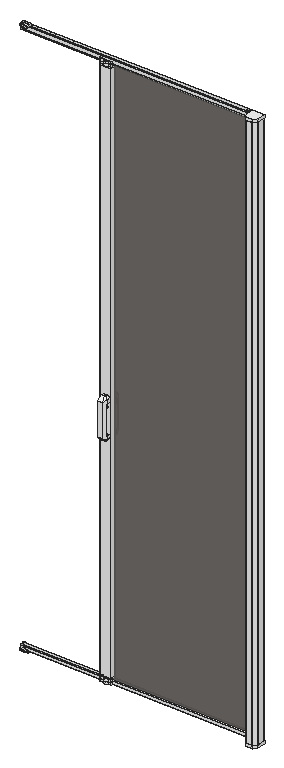
Revit family "Door_Screen-Sliding-Phantom_Screens-Single_Parting-Retractable_Door_Screens-1-3", category Specialty Equipment, Revit 2023 (continued)
Definition of nested family "Nested-Detail-Phantom_Screens-Retractable-Housing"
  Parameters (values of type "Housing")
    Manufacturer = "Phantom Mfg. (Int'l) Ltd."  # constant formula
    Description = "Housing"  # constant formula
  Reference planes (in)
    plane 1 "Center (Front/Back)": y = 0
    plane 2: z = 0
    plane 3 "Center (Left/Right)": x = 0
  Lines and regions (in)
    Masking region 1, in view "Ref. Level", detail levels medium+fine
      outline origin (0, 0.43304, 0) x (1, 0, 0) y (0, 1, 0)
        loop
          line (-0.92614, -0.03234) -> (-0.92614, -0.73511)
          arc (-0.92614, -0.73511) -> (-0.92049, -0.77182) -> (-0.90406, -0.80513) r 0.12207
          line (-0.90406, -0.80513) -> (-0.575, -1.27507)
          arc (-0.575, -1.27507) -> (-0.53137, -1.31333) -> (-0.47501, -1.32713) r 0.12207
          line (-0.47501, -1.32713) -> (0.37295, -1.32713)
          arc (0.37295, -1.32713) -> (0.42932, -1.31333) -> (0.47295, -1.27507) r 0.12207
          line (0.47295, -1.27507) -> (0.802, -0.80513)
          arc (0.802, -0.80513) -> (0.81843, -0.77182) -> (0.82408, -0.73511) r 0.12207
          line (0.82408, -0.73511) -> (0.82408, 0.28171)
          arc (0.82408, 0.28171) -> (0.70931, 0.40059) -> (0.58646, 0.29007) r 0.11896
          arc (0.58646, 0.29007) -> (0.59743, 0.26512) -> (0.6242, 0.26004) r 0.02925
          arc (0.6242, 0.26004) -> (0.6398, 0.26946) -> (0.6468, 0.28627) r 0.02925
          arc (0.6468, 0.28627) -> (0.74649, 0.32307) -> (0.70968, 0.22338) r 0.0585
          arc (0.70968, 0.22338) -> (0.69287, 0.21638) -> (0.68346, 0.20079) r 0.02925
          arc (0.68346, 0.20079) -> (0.68854, 0.17401) -> (0.71349, 0.16305) r 0.02925
          arc (0.71349, 0.16305) -> (0.7394, 0.1678) -> (0.76363, 0.17813) r 0.11896
          line (0.76363, 0.17813) -> (0.76363, -0.73517)
          arc (0.76363, -0.73517) -> (0.76078, -0.75364) -> (0.75252, -0.7704) r 0.06142
          line (0.75252, -0.7704) -> (0.42337, -1.24048)
          arc (0.42337, -1.24048) -> (0.40141, -1.25973) -> (0.37305, -1.26667) r 0.06142
          line (0.37305, -1.26667) -> (-0.37305, -1.26667)
          arc (-0.37305, -1.26667) -> (-0.35922, -1.22728) -> (-0.35985, -1.18554) r 0.11896
          arc (-0.35985, -1.18554) -> (-0.39413, -1.16238) -> (-0.41728, -1.19667) r 0.02925
          arc (-0.41728, -1.19667) -> (-0.50588, -1.25883) -> (-0.49571, -1.15286) r 0.0585
          arc (-0.49571, -1.15286) -> (-0.47823, -1.11383) -> (-0.51542, -1.09572) r 0.02925
          arc (-0.51542, -1.09572) -> (-0.55583, -1.11941) -> (-0.58396, -1.15688) r 0.11896
          line (-0.58396, -1.15688) -> (-0.85458, -0.7704)
          arc (-0.85458, -0.7704) -> (-0.86284, -0.75364) -> (-0.86568, -0.73517) r 0.06142
          line (-0.86568, -0.73517) -> (-0.86568, 0.05452)
          arc (-0.86568, 0.05452) -> (-1.03434, 0.10743) -> (-0.92614, -0.03234) r 0.09263
    Masking region 2, in view "Ref. Level", detail levels coarse
      outline origin (0, 0, 0) x (1, 0, 0) y (0, 1, 0)
        loop
          line (-1.05094, 0.83363) -> (-1.05094, -0.89408) -> (0.82408, -0.89408) -> (0.82408, 0.83363) -> (-1.05094, 0.83363)
  Dimensions and locks (in)
    Masking region 2 sketch curve to plane 1 "Center (Front/Back)" to Masking region 2 sketch curve = 0' - 0.89408" locked, 0' - 0.83363" locked
    Masking region 2 sketch curve to plane 3 "Center (Left/Right)" to Masking region 2 sketch curve = 0' - 1.05094" locked, 0' - 0.82408" locked
    Masking region 1 sketch curve to Masking region 1 sketch curve to Masking region 1 sketch curve to Masking region 1 sketch curve to Masking region 1 sketch curve to Masking region 1 sketch curve to Masking region 1 sketch curve to Masking region 1 sketch curve to Masking region 1 sketch curve to Masking region 1 sketch curve to Masking region 1 sketch curve to Masking region 1 sketch curve to plane 3 "Center (Left/Right)" to Masking region 1 sketch curve to Masking region 1 sketch curve to Masking region 1 sketch curve to Masking region 1 sketch curve to Masking region 1 sketch curve to Masking region 1 sketch curve to Masking region 1 sketch curve to Masking region 1 sketch curve to Masking region 1 sketch curve = 0' - 0.12481" locked, 0' - 0.02208" locked, 0' - 0.03838" locked, 0' - 0.01111" locked, 0' - 0.27061" locked, 0' - 0.00896" locked, 0' - 0.03987" locked, 0' - 0.0585" locked, 0' - 0.00162" locked, 0' - 0.10195" locked, 0' - 0.01374" locked, 0' - 0.35931" locked, 0' - 0.37295" locked, 0' - 0.0001" locked, 0' - 0.05031" locked, 0' - 0.04958" locked, 0' - 0.11344" locked, 0' - 0.09579" locked, 0' - 0.08145" locked, 0' - 0" locked, 0' - 0.06045" locked
    Masking region 1 sketch curve to Masking region 1 sketch curve to Masking region 1 sketch curve to Masking region 1 sketch curve to Masking region 1 sketch curve to Masking region 1 sketch curve to Masking region 1 sketch curve to Masking region 1 sketch curve to Masking region 1 sketch curve to Masking region 1 sketch curve to Masking region 1 sketch curve to Masking region 1 sketch curve to Masking region 1 sketch curve to Masking region 1 sketch curve to Masking region 1 sketch curve to Masking region 1 sketch curve to Masking region 1 sketch curve to plane 1 "Center (Front/Back)" to Masking region 1 sketch curve to Masking region 1 sketch curve to Masking region 1 sketch curve to Masking region 1 sketch curve to Masking region 1 sketch curve to Masking region 1 sketch curve = 0' - 0.05205" locked, 0' - 0" locked, 0' - 0.0084" locked, 0' - 0" locked, 0' - 0.02619" locked, 0' - 0.07863" locked, 0' - 0.00497" locked, 0' - 0.06276" locked, 0' - 0.28899" locked, 0' - 0" locked, 0' - 0.03473" locked, 0' - 0" locked, 0' - 0.03523" locked, 0' - 0" locked, 0' - 0.00006" locked, 0' - 0" locked, 0' - 0.30207" locked, 0' - 0.39493" locked, 0' - 0.20108" locked, 0' - 0.01516" locked, 0' - 0.08063" locked, 0' - 0.08145" locked, 0' - 0.06045" locked
Definition of nested family "Nested-Detail-Phantom_Screens-Slide_Bar"
  Parameters (values of type "Slide Bar")
    URL = "https://www.phantomscreens.com/"
    Type Comments = "For Use With Phantom Models Only"  # constant formula
    Manufacturer = "Phantom Mfg. (Int'l) Ltd."  # constant formula
    Description = "Slide Bar"  # constant formula
  Reference planes (in)
    plane 1 "Center (Front/Back)": y = 0
    plane 2: z = 0
    plane 3 "Center (Left/Right)": x = 0
  Lines and regions (in)
    Masking region 1, in view "Ref. Level", detail levels medium+fine
      outline origin (0, 0.43304, 0) x (1, 0, 0) y (0, 1, 0)
        loop
          line (0.80708, -0.24652) -> (0.73563, -0.23476)
          arc (0.73563, -0.23476) -> (0.59606, -0.18402) -> (0.73563, -0.13328) r 0.07901
          line (0.73563, -0.13328) -> (0.80708, -0.12151)
          arc (0.80708, -0.12151) -> (0.8488, -0.10423) -> (0.86608, -0.06251) r 0.05901
          line (0.86608, -0.06251) -> (0.86608, -0.03)
          arc (0.86608, -0.03) -> (0.8573, -0.00879) -> (0.83608, 0) r 0.03
          line (0.83608, 0) -> (-0.64506, 0)
          arc (-0.64506, 0) -> (-0.66456, -0.0195) -> (-0.64506, -0.039) r 0.0195
          line (-0.64506, -0.039) -> (-0.59057, -0.039) -> (-0.59057, -0.10001) -> (-0.81748, -0.10001) -> (-0.81748, -0.039) -> (-0.76307, -0.039)
          arc (-0.76307, -0.039) -> (-0.74357, -0.0195) -> (-0.76307, 0) r 0.0195
          line (-0.76307, 0) -> (-0.86608, 0) -> (-0.86608, -0.27403) -> (-0.82708, -0.27403) -> (-0.82708, -0.23052)
          arc (-0.82708, -0.23052) -> (-0.79658, -0.20002) -> (-0.76607, -0.23052) r 0.0305
          line (-0.76607, -0.23052) -> (-0.76607, -0.27403) -> (-0.66606, -0.27403) -> (-0.66606, -0.35603) -> (-0.76607, -0.35603) -> (-0.76607, -0.39954)
          arc (-0.76607, -0.39954) -> (-0.79658, -0.43004) -> (-0.82708, -0.39954) r 0.0305
          line (-0.82708, -0.39954) -> (-0.82708, -0.35453) -> (-0.86608, -0.35453) -> (-0.86608, -0.66506) -> (-0.66506, -0.86608) -> (0.83608, -0.86608)
          arc (0.83608, -0.86608) -> (0.8573, -0.8573) -> (0.86608, -0.83608) r 0.03
          line (0.86608, -0.83608) -> (0.86608, -0.30553)
          arc (0.86608, -0.30553) -> (0.8488, -0.26381) -> (0.80708, -0.24652) r 0.05901
    Masking region 2, in view "Ref. Level", detail levels fine
      outline origin (0, 0.43304, 0) x (1, 0, 0) y (0, 1, 0)
        loop
          line (0.80708, -0.31203) -> (0.67506, -0.31203)
          arc (0.67506, -0.31203) -> (0.58455, -0.27454) -> (0.54705, -0.18402) r 0.12801
          line (0.54705, -0.18402) -> (0.54705, -0.05901) -> (-0.54365, -0.05901)
          arc (-0.54365, -0.05901) -> (-0.55302, -0.12128) -> (-0.60906, -0.15001) r 0.06901
          line (-0.60906, -0.15001) -> (-0.68357, -0.15001)
          arc (-0.68357, -0.15001) -> (-0.71605, -0.18372) -> (-0.68115, -0.21521) r 0.0325
          arc (-0.68115, -0.21521) -> (-0.6291, -0.23347) -> (-0.60706, -0.28403) r 0.06901
          line (-0.60706, -0.28403) -> (-0.60706, -0.34603)
          arc (-0.60706, -0.34603) -> (-0.62727, -0.39483) -> (-0.67606, -0.41504) r 0.06901
          line (-0.67606, -0.41504) -> (-0.71607, -0.41504) -> (-0.71607, -0.48905) -> (-0.80708, -0.48905) -> (-0.80708, -0.64062) -> (-0.64062, -0.80708) -> (-0.15401, -0.80708) -> (-0.15401, -0.71007)
          arc (-0.15401, -0.71007) -> (-0.14686, -0.66942) -> (-0.12625, -0.63366) r 0.11901
          arc (-0.12625, -0.63366) -> (-0.08539, -0.63004) -> (-0.08101, -0.67154) r 0.029
          arc (-0.08101, -0.67154) -> (-0.035, -0.77007) -> (0.01177, -0.6709) r 0.06001
          arc (0.01177, -0.6709) -> (0.01538, -0.63004) -> (0.05624, -0.63366) r 0.029
          arc (0.05624, -0.63366) -> (0.07685, -0.66942) -> (0.08401, -0.71007) r 0.11901
          line (0.08401, -0.71007) -> (0.08401, -0.80708) -> (0.80708, -0.80708) -> (0.80708, -0.31203)
    Masking region 3, in view "Ref. Level", detail levels coarse
      outline origin (0, 0, 0) x (1, 0, 0) y (0, 1, 0)
        loop
          line (-0.86608, 0.43304) -> (-0.86608, -0.43304) -> (0.86608, -0.43304) -> (0.86608, 0.43304) -> (-0.86608, 0.43304)
  Dimensions and locks (in)
    Masking region 1 sketch curve to Masking region 1 sketch curve to Masking region 1 sketch curve to Masking region 1 sketch curve to Masking region 1 sketch curve to Masking region 1 sketch curve to Masking region 1 sketch curve to Masking region 1 sketch curve to Masking region 1 sketch curve to Masking region 1 sketch curve to Masking region 1 sketch curve to Masking region 1 sketch curve to plane 3 "Center (Left/Right)" to Masking region 1 sketch curve to Masking region 1 sketch curve to Masking region 1 sketch curve to Masking region 1 sketch curve to Masking region 1 sketch curve to Masking region 1 sketch curve = 0' - 0" locked, 0' - 0.039" locked, 0' - 0" locked, 0' - 0.0096" locked, 0' - 0.05141" locked, 0' - 0" locked, 0' - 0.0225" locked, 0' - 0.07751" locked, 0' - 0.001" locked, 0' - 0.0005" locked, 0' - 0.07399" locked, 0' - 0.59057" locked, 0' - 0.59606" locked, 0' - 0.21102" locked, 0' - 0" locked, 0' - 0.029" locked, 0' - 0.03" locked, 0' - 0" locked
    Masking region 1 sketch curve to Masking region 1 sketch curve to Masking region 1 sketch curve to Masking region 1 sketch curve to Masking region 1 sketch curve to Masking region 1 sketch curve to Masking region 1 sketch curve to Masking region 1 sketch curve to Masking region 1 sketch curve to Masking region 1 sketch curve to Masking region 1 sketch curve to Masking region 1 sketch curve to Masking region 1 sketch curve to Masking region 1 sketch curve to Masking region 1 sketch curve to Masking region 1 sketch curve to plane 1 "Center (Front/Back)" to Masking region 1 sketch curve to Masking region 1 sketch curve = 0' - 0" locked, 0' - 0.039" locked, 0' - 0" locked, 0' - 0.0235" locked, 0' - 0.0375" locked, 0' - 0.005" locked, 0' - 0.0165" locked, 0' - 0.07851" locked, 0' - 0.0465" locked, 0' - 0.0275" locked, 0' - 0" locked, 0' - 0.0315" locked, 0' - 0.049" locked, 0' - 0.0015" locked, 0' - 0.07401" locked, 0' - 0.003" locked, 0' - 0.23202" locked, 0' - 0.20102" locked
    Masking region 2 sketch curve to Masking region 2 sketch curve to Masking region 2 sketch curve to Masking region 2 sketch curve to Masking region 2 sketch curve to Masking region 2 sketch curve to Masking region 2 sketch curve to Masking region 2 sketch curve to Masking region 2 sketch curve to Masking region 2 sketch curve to Masking region 2 sketch curve to Masking region 2 sketch curve to Masking region 2 sketch curve to Masking region 2 sketch curve = 0' - 0.09101" locked, 0' - 0" locked, 0' - 0.07545" locked, 0' - 0.03356" locked, 0' - 0.06701" locked, 0' - 0.38604" locked, 0' - 0.02777" locked, 0' - 0 1/32" locked, 0' - 0.15125" locked, 0' - 0.02777" locked, 0' - 0.46304" locked, 0' - 0.12801" locked, 0' - 0.13201" locked
    Masking region 2 sketch curve to Masking region 2 sketch curve to Masking region 2 sketch curve to Masking region 2 sketch curve to Masking region 2 sketch curve to Masking region 2 sketch curve to Masking region 2 sketch curve to Masking region 2 sketch curve to Masking region 2 sketch curve to Masking region 2 sketch curve to Masking region 2 sketch curve to Masking region 2 sketch curve to Masking region 2 sketch curve = 0' - 0.09101" locked, 0' - 0.034" locked, 0' - 0.031" locked, 0' - 0.09701" locked, 0' - 0.10301" locked, 0' - 0.07401" locked, 0' - 0.13423" locked, 0' - 0" locked, 0' - 0.01735" locked, 0' - 0.12945" locked, 0' - 0.037" locked, 0' - 0" locked
    Masking region 3 sketch curve to plane 1 "Center (Front/Back)" to Masking region 3 sketch curve = 0' - 0.43304" locked, 0' - 0.43304" locked
    Masking region 3 sketch curve to plane 3 "Center (Left/Right)" to Masking region 3 sketch curve = 0' - 0.86608" locked, 0' - 0.86608" locked
Types (3): name | Width | Requested Width | Requested Height | Model | Magnetic Latch | Latch Handle | Height | Door Opening Width Calc | Screen Opening | Description
  (no name) | 3' - 0" | 3' - 0" | 7' - 0" | "Latch and Release System" | no | yes | 7' - 0" | 1' - 0" | 1' - 0" | "Phantom retractable door screen with latching handle"
  Magnetic Handle | 3' - 9" | 3' - 9" | 8' - 2" | "Magnet Latching System" | yes | no | 8' - 2" | 2' - 0" | 2' - 0" | "Phantom retractable door screen with magnet catch"
  Latch Handle | 3' - 0" | 3' - 0" | 7' - 0" | "Latch and Release System" | no | yes | 7' - 0" | 1' - 0" | 1' - 0" | "Phantom retractable door screen with latching handle"
